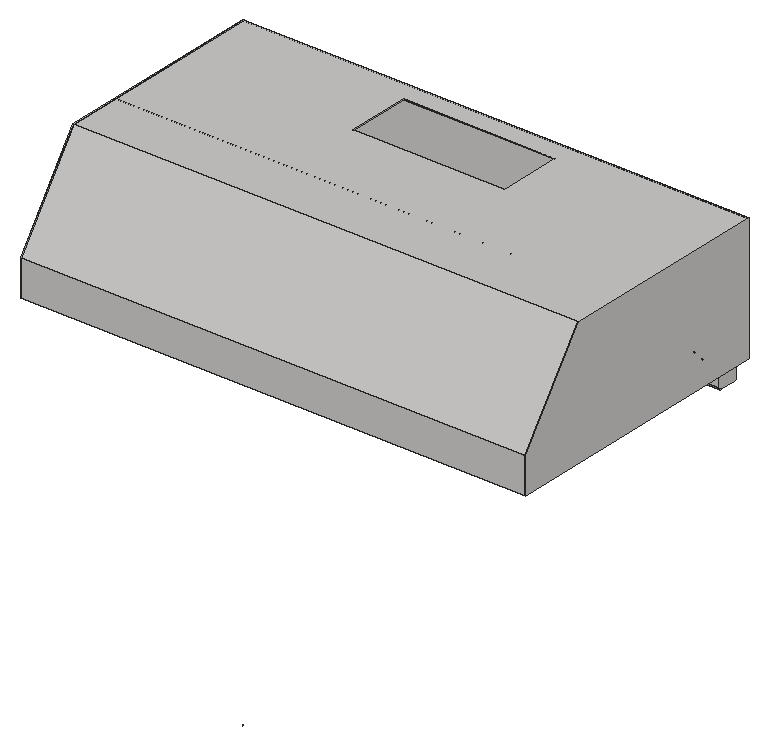
Revit family "QF_ELECTROLUXPROFESSIONAL_642332_BP1120DT", category Specialty Equipment, Revit 2014
Reference planes
  plane 1 "Center (Front/Back)": y = 0
  plane 2: z = 0
  plane 3 "Center (Left/Right)": x = 150
  plane 4 "LEFT": x = -850
  plane 5 "RIGHT": x = 1150
  plane 6 "BACK": y = 550
  plane 7 "FRONT": y = -550
  plane 8 "TOP": z = 2500
  plane 9 "Base": z = 2000
  plane 10: z = 1926
  plane 11 "DrainY": y = 485
  plane 12: x = -847
  plane 13: through (0, 414.509, 2000.8) normal (0, 0.7314, 0.682)
  plane 14: y = 470
  plane 15: y = 220
  plane 16 "DrainX": x = 1030
  plane 17: x = -150
  plane 18: x = 450
  plane 19: x = 1147
  plane 20: x = 940
  plane 21: x = 1120
  plane 22: x = -810
  plane 23: x = 1110
  plane 24: x = -47.5
  plane 25: x = 347.5
  plane 26: z = 2140.01
Forms (mm)
  Extrusion 1, solid, material "QF_Finishes_Stainless Steel"
    sketch origin (-850, 0, 360) x (0, 1, 0) y (0, 0, 1)
      loop
        line (550, 1640) -> (550, 2140) -> (-290, 2140) -> (-550, 1780.01) -> (-550, 1640) -> (550, 1640)
    from 0 to 3
  Extrusion 2, solid, material "QF_Finishes_Stainless Steel"
    sketch origin (150, 0, 360) x (0, 1, 0) y (0, 0, 1)
      loop
        line (415.255, 1640) -> (550, 1640) -> (550, 2139.19) -> (549.2, 2139.19) -> (549.2, 1640.8) -> (415.876, 1640.8) -> (339.347, 1722.867) -> (349.609, 1732.436) -> (348.927, 1733.167) -> (337.934, 1722.917) -> (415.255, 1640)
      loop
        line (-82.203, 2139.19) -> (-82.203, 2118.6) -> (-31.047, 2118.6) -> (34.354, 2048.466) -> (46.028, 2059.352) -> (45.346, 2060.083) -> (34.403, 2049.879) -> (-30.612, 2119.6) -> (-81.203, 2119.6) -> (-81.203, 2139.19) -> (-82.203, 2139.19)
    from -997 to 997
  Extrusion 3, solid, material "QF_Finishes_Stainless Steel"
    sketch origin (1150, 0, 360) x (0, 1, 0) y (0, 0, 1)
      loop
        line (550, 1640) -> (550, 2140) -> (-290, 2140) -> (-550, 1780.01) -> (-550, 1640) -> (550, 1640)
    from 0 to -3
  Extrusion 4, solid, material "QF_Finishes_Stainless Steel"
    sketch origin (150, 0, 360) x (0, 1, 0) y (0, 0, 1)
      loop
        line (-550, 1780.01) -> (-550, 1640) -> (-549.2, 1640) -> (-549.2, 1779.751) -> (-289.598, 2139.19) -> (550, 2139.19) -> (550, 2140) -> (-290, 2140) -> (-550, 1780.01)
    from -1000 to 1000
  Extrusion 5, solid, material "QF_Finishes_Stainless Steel"
    sketch origin (150, 0, 360) x (0, 1, 0) y (0, 0, 1)
      loop
        line (534, 1640) -> (436, 1640) -> (436, 1627) -> (443.5, 1627) -> (443.5, 1576)
        arc (443.5, 1576) -> (446.429, 1568.929) -> (453.5, 1566) r 10
        line (453.5, 1566) -> (516.5, 1566)
        arc (516.5, 1566) -> (523.571, 1568.929) -> (526.5, 1576) r 10
        line (526.5, 1576) -> (526.5, 1627) -> (534, 1627) -> (534, 1640)
    from 790 to 970
  Extrusion 6, solid, material "QF_Finishes_Stainless Steel"
    sketch origin (0, 0, 2000) x (0, 1, 0) y (-1, 0, 0)
      loop
        circle (485, -1030) r 20
    from -76 to -74
  Extrusion 7, solid, material "QF_Finished_Chrome"
    sketch origin (150, 0, 360) x (0, 1, 0) y (0, 0, 1)
      loop
        line (337.934, 1722.917) -> (341.591, 1726.327) -> (38.011, 2051.876) -> (34.354, 2048.466) -> (337.934, 1722.917)
    from -197.5 to -960
  Extrusion 8, solid, material "QF_Finishes_Stainless Steel"
    sketch origin (150, 0, 360) x (0, 1, 0) y (0, 0, 1)
      loop
        line (337.934, 1722.917) -> (341.591, 1726.327) -> (38.011, 2051.876) -> (34.354, 2048.466) -> (337.934, 1722.917)
    from 997 to 960
  Extrusion 9, solid, material "QF_Finished_Chrome"
    sketch origin (150, 0, 360) x (0, 1, 0) y (0, 0, 1)
      loop
        line (341.588, 1726.324) -> (38.009, 2051.874) -> (34.354, 2048.466) -> (337.934, 1722.917) -> (341.588, 1726.324)
    from 197.5 to 960
  Extrusion 10, void
    sketch origin (0, 0, 2500) x (0, 1, 0) y (-1, 0, 0)
      loop
        line (470, -450) -> (470, 150) -> (220, 150) -> (220, -450) -> (470, -450)
    from 0 to -10
  Extrusion 11, solid, material "QF_Finishes_Stainless Steel"
    sketch origin (0, 0, 0) x (1, 0, 0) y (0, 1, 0)
      loop
        line (-850, 550) -> (-850, 549) -> (-849, 549) -> (-849, 550) -> (-850, 550)
    from 0 to 1
  Extrusion 12, solid, material "QF_Finishes_Stainless Steel"
    sketch origin (150, 0, 360) x (0, 1, 0) y (0, 0, 1)
      loop
        line (337.934, 1722.917) -> (341.591, 1726.327) -> (38.011, 2051.876) -> (34.354, 2048.466) -> (337.934, 1722.917)
    from -960 to -997
  Extrusion 13, solid, material "QF_Finishes_Stainless Steel"
    sketch origin (150, 0, 360) x (0, 1, 0) y (0, 0, 1)
      loop
        line (337.934, 1722.917) -> (341.591, 1726.327) -> (38.011, 2051.876) -> (34.354, 2048.466) -> (337.934, 1722.917)
    from 197.5 to -197.5
Cuts and joins
  Extrusion 10 cuts Extrusion 4
  joined: Extrusion 2, Extrusion 4
Lines and regions (mm)
  reference lines
    curve 1: line (150, 34.354, 2408.466) -> (150, 34.354, 2248.466)
  symbolic lines, style "SpecialityEquipment", detail levels coarse
    curve 2: line (1150, 550, 2500) -> (-850, 550, 2500)
    curve 3: line (-850, 550, 2500) -> (-850, -550, 2500)
    curve 4: line (1150, -550, 2500) -> (1150, 550, 2500)
    curve 5: line (-850, -550, 2500) -> (1150, -550, 2500)
    curve 6: line (450, 220, 2500) -> (-150, 220, 2500)
    curve 7: line (450, 470, 2500) -> (450, 220, 2500)
    curve 8: line (-150, 470, 2500) -> (450, 470, 2500)
    curve 9: line (-150, 220, 2500) -> (-150, 470, 2500)
    curve 10: line (-850, -290, 0) -> (1150, -290, 0)
    curve 11: line (-850, 550, 0) -> (1150, -290, 0)
    curve 12: line (-850, -290, 0) -> (1150, 550, 0)
Dimensions and locks
  plane 4 "LEFT" to plane 5 "RIGHT" = 2000 mm
  equal spacing: plane 4 "LEFT", plane 3 "Center (Left/Right)", plane 5 "RIGHT"
  locked: plane 8 "TOP" to plane 9 "Base" at 500
  plane 9 "Base" to plane 10 = 74 mm
  plane 6 "BACK" to plane 11 "DrainY" = 65 mm  (x2)
  plane 4 "LEFT" to plane 12 = 3 mm
  plane 6 "BACK" to plane 14 = 80 mm
  plane 14 to plane 15 = 250 mm  (x2)
  plane 16 "DrainX" to plane 5 "RIGHT" = 120 mm
  plane 19 to plane 5 "RIGHT" = 3 mm
  locked: plane 20 to plane 16 "DrainX" at 90
  locked: plane 16 "DrainX" to plane 21 at 90
  plane 6 "BACK" to plane 7 "FRONT" = 1100 mm  (x2)
  equal spacing: plane 6 "BACK", plane 1 "Center (Front/Back)", plane 7 "FRONT"
  plane 15 to plane 7 "FRONT" = 770 mm
  plane 14 to plane 6 "BACK" = 80 mm
  locked: plane 4 "LEFT" to plane 22 at 40
  locked: plane 23 to plane 5 "RIGHT" at 40
  locked: plane 24 to plane 25 at 395
  equal spacing: plane 24, plane 3 "Center (Left/Right)", plane 25
  locked: plane 17 to plane 18 at 600
  equal spacing: plane 17, plane 3 "Center (Left/Right)", plane 18
  curve 10 to plane 7 "FRONT" = 260 mm
  curve 10 to plane 6 "BACK" = 840 mm
  plane 9 "Base" to level = 2000 mm
  plane 26 to plane 9 "Base" = 140.01 mm
  aligned and locked: level to plane 2
  aligned and locked: Extrusion 2 to Extrusion 1
  aligned and locked: Extrusion 2 to Extrusion 3
  aligned and locked: plane 5 "RIGHT" to Extrusion 4
  aligned and locked: Extrusion 4 to plane 4 "LEFT"
  aligned and locked: plane 19 to Extrusion 8
  aligned and locked: Extrusion 10 to plane 17
  aligned and locked: Extrusion 10 to plane 15
  aligned and locked: Extrusion 10 to plane 14
  aligned and locked: Extrusion 2 to Extrusion 4
  aligned and locked: plane 21 to Extrusion 5
  aligned and locked: Extrusion 5 to plane 20
  aligned and locked: Extrusion 8 to plane 23
  aligned and locked: Extrusion 9 to plane 23
  aligned and locked: Extrusion 7 to plane 22
  aligned and locked: Extrusion 12 to plane 12
  aligned and locked: plane 22 to Extrusion 12
  aligned and locked: Extrusion 3 to plane 19
  aligned and locked: Extrusion 10 to plane 18
  aligned and locked: plane 18 to curve 7
  aligned and locked: plane 25 to Extrusion 13
  aligned and locked: Extrusion 13 to plane 24
  aligned and locked: Extrusion 9 to plane 25
Automatic sketch dimensions
  curve 5 to plane 5 "RIGHT" = 0 mm
  curve 5 to plane 7 "FRONT" = 0 mm
  curve 6 to plane 15 = 0 mm
  plane 14 to curve 8 = 0 mm
  curve 3 to plane 4 "LEFT" = 0 mm
  curve 3 to plane 6 "BACK" = 0 mm
  curve 6 to plane 17 = 0 mm
  Extrusion 2 sketch curve to plane 13 = 0 mm  (x3)
  Extrusion 2 sketch curve to plane 9 "Base" = 0 mm
  plane 13 to Extrusion 2 sketch curve = 0 mm
  Extrusion 2 sketch curve to plane 6 "BACK" = 0 mm
  Extrusion 2 sketch curve to Extrusion 2 sketch curve = 65.646 mm
  Extrusion 2 sketch curve to Extrusion 2 sketch curve = 0.682 mm  (x2)
  Extrusion 2 sketch curve to Extrusion 2 sketch curve = 10.261 mm
  plane 9 "Base" to Extrusion 2 sketch curve = 82.917 mm
  Extrusion 2 sketch curve to plane 1 "Center (Front/Back)" = 46.028 mm
  Extrusion 2 sketch curve to Extrusion 2 sketch curve = 10.942 mm
  Extrusion 2 sketch curve to Extrusion 2 sketch curve = 0.049 mm
  Extrusion 2 sketch curve to plane 8 "TOP" = 20.4 mm
  Extrusion 2 sketch curve to plane 8 "TOP" = 21.4 mm
  Extrusion 2 sketch curve to plane 8 "TOP" = 0.81 mm  (x2)
  Extrusion 2 sketch curve to Extrusion 2 sketch curve = 50.156 mm
  Extrusion 2 sketch curve to Extrusion 2 sketch curve = 1 mm
  plane 9 "Base" to Extrusion 2 sketch curve = 0.8 mm
  Extrusion 2 sketch curve to plane 6 "BACK" = 0.8 mm
  curve 1 to plane 13 = 0 mm
  curve 1 to plane 1 "Center (Front/Back)" = 34.354 mm
  Extrusion 5 sketch curve to plane 9 "Base" = 0 mm
  Extrusion 5 sketch curve to plane 10 = 0 mm
  Extrusion 5 sketch curve to plane 9 "Base" = 13 mm  (x2)
  plane 14 to Extrusion 5 sketch curve = 34 mm
  Extrusion 5 sketch curve to Extrusion 5 sketch curve = 7.5 mm  (x2)
  Extrusion 5 sketch curve to Extrusion 5 sketch curve = 10 mm
  plane 11 "DrainY" to Extrusion 5 sketch curve = 31.5 mm
  Extrusion 5 sketch curve to plane 6 "BACK" = 23.5 mm
  Extrusion 6 sketch curve to plane 11 "DrainY" = 0 mm
  Extrusion 6 sketch curve to plane 16 "DrainX" = 0 mm
  Extrusion 7 sketch curve to plane 13 = 0 mm  (x2)
  Extrusion 7 sketch curve to plane 1 "Center (Front/Back)" = 34.354 mm
  Extrusion 7 sketch curve to Extrusion 7 sketch curve = 3.657 mm
  plane 9 "Base" to Extrusion 7 sketch curve = 82.917 mm
  Extrusion 8 sketch curve to plane 13 = 0 mm  (x2)
  Extrusion 8 sketch curve to plane 1 "Center (Front/Back)" = 34.354 mm
  Extrusion 8 sketch curve to Extrusion 8 sketch curve = 3.657 mm
  plane 9 "Base" to Extrusion 8 sketch curve = 82.917 mm
  Extrusion 9 sketch curve to plane 13 = 0 mm  (x2)
  Extrusion 9 sketch curve to plane 1 "Center (Front/Back)" = 34.354 mm
  Extrusion 9 sketch curve to Extrusion 9 sketch curve = 3.655 mm
  plane 9 "Base" to Extrusion 9 sketch curve = 82.917 mm
  Extrusion 10 sketch curve to plane 15 = 0 mm
  plane 14 to Extrusion 10 sketch curve = 0 mm
  Extrusion 10 sketch curve to plane 18 = 0 mm
  Extrusion 10 sketch curve to plane 17 = 0 mm
  Extrusion 11 sketch curve to plane 4 "LEFT" = 0 mm
  Extrusion 11 sketch curve to plane 6 "BACK" = 0 mm
  plane 4 "LEFT" to Extrusion 11 sketch curve = 1 mm
  Extrusion 11 sketch curve to Extrusion 11 sketch curve = 1 mm
  Extrusion 12 sketch curve to plane 13 = 0 mm  (x2)
  Extrusion 12 sketch curve to plane 1 "Center (Front/Back)" = 34.354 mm
  Extrusion 12 sketch curve to Extrusion 12 sketch curve = 3.657 mm
  plane 9 "Base" to Extrusion 12 sketch curve = 82.917 mm
  Extrusion 13 sketch curve to plane 13 = 0 mm  (x2)
  Extrusion 13 sketch curve to plane 1 "Center (Front/Back)" = 34.354 mm
  Extrusion 13 sketch curve to Extrusion 13 sketch curve = 3.657 mm
  plane 9 "Base" to Extrusion 13 sketch curve = 82.917 mm
  Extrusion 4 sketch curve to plane 7 "FRONT" = 0 mm
  Extrusion 4 sketch curve to plane 9 "Base" = 0 mm
  Extrusion 4 sketch curve to plane 8 "TOP" = 0 mm
  Extrusion 4 sketch curve to plane 6 "BACK" = 0 mm
  Extrusion 4 sketch curve to Extrusion 4 sketch curve = 0.8 mm
  plane 9 "Base" to Extrusion 4 sketch curve = 140.01 mm
  Extrusion 4 sketch curve to Extrusion 4 sketch curve = 0.81 mm
  Extrusion 4 sketch curve to Extrusion 4 sketch curve = 0.259 mm
  Extrusion 4 sketch curve to Extrusion 4 sketch curve = 0.402 mm
  plane 7 "FRONT" to Extrusion 4 sketch curve = 260 mm
  Extrusion 3 sketch curve to plane 7 "FRONT" = 0 mm
  Extrusion 3 sketch curve to plane 8 "TOP" = 0 mm
  Extrusion 3 sketch curve to plane 6 "BACK" = 0 mm
  Extrusion 3 sketch curve to plane 9 "Base" = 0 mm
  plane 9 "Base" to Extrusion 3 sketch curve = 140.01 mm
  plane 7 "FRONT" to Extrusion 3 sketch curve = 260 mm
  Extrusion 1 sketch curve to plane 7 "FRONT" = 0 mm
  Extrusion 1 sketch curve to plane 8 "TOP" = 0 mm
  Extrusion 1 sketch curve to plane 6 "BACK" = 0 mm
  Extrusion 1 sketch curve to plane 9 "Base" = 0 mm
  plane 9 "Base" to Extrusion 1 sketch curve = 140.01 mm
  plane 7 "FRONT" to Extrusion 1 sketch curve = 260 mm
  curve 1 to curve 1 = 160 mm
  curve 11 to plane 4 "LEFT" = 0 mm
  curve 10 to plane 4 "LEFT" = 0 mm
  curve 11 to plane 5 "RIGHT" = 0 mm
  curve 12 to plane 5 "RIGHT" = 0 mm
  curve 12 to plane 6 "BACK" = 0 mm
  curve 11 to plane 6 "BACK" = 0 mm
  radius of Extrusion 6 sketch curve = 20 mm
Connectors
  piping at (1030, 485, 1924), diameter 20
    settings: on Extrusion 6, index 1, connector inside diameter 609.6 mm, connector length 0 mm, flow factor 0, pipe flow 0.0 L/s, pressure drop 0.0 Pa, fitting loss kfactor 0, connector angle 0.00°, fixture units 0, engagement length 0 mm, angle of deflection 0.00°, flow configuration 1, flow direction 2, fitting loss method 0, system type 16, joint type 0, gender type 0, connector reference index -1, connector utility 0, adjustable connector no, is connector primary yes, connector description "Drain"
  hvac at (150, 345, 2500)
    settings: on Extrusion 10, index 2, duct flow 0.0 L/s, flow factor 0, pres drop 0.0 Pa, loss coef 0, conn angle 0.00°, conn width 250 mm, conn height 600 mm, conn diameter 609.6 mm, duct sys type 3, conn prof type 1, flow config 0, flow direction 2, loss method 0, conn ref index -1, conn util no, is conn primary yes, conn desc "EXHAUST OUTLET"
